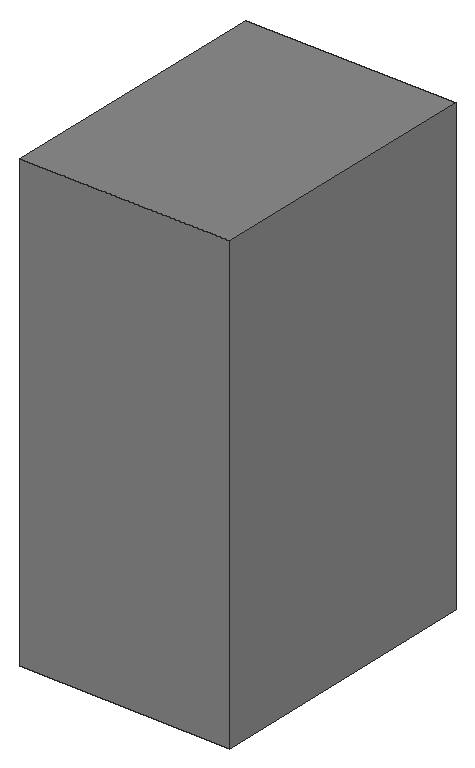
Revit family "M_Forno", category Equipamento mecânico, Revit 2019
Family settings
  Cota do conector redondo = Utilizar diâmetro
  Tipo de parte = Normal
  Número OmniClass = 23.75.10.11.17.11
  Título OmniClass = Furnaces
  ID de item do Seek = Furnace-0000-CAN-ENU
  Com base no plano de trabalho = Não
  Sempre na vertical = Sim
  Corte com vazios quando carregada = Não
  Compartilhado = Não
  Ponto de cálculo do ambiente = Não
Parameters (values of type "540 x 725 x 1170mm")
  Linear = 725.00 mm
  Material da fornalha = Aço, acabamento de pintura, cinza escuro, fosco
  Altura = 1170.00 mm
  Largura = 540.00 mm
Reference planes
  plane 1 "Centro (Frente/Trás)": y = 0
  plane 2: z = 0
  plane 3 "Centro (Esquerda/Direita)": x = 0
  plane 4: x = -270
  plane 5: y = 362.5
  plane 6: x = 270
  plane 7: y = -362.5
  plane 8: z = 1170
  plane 9: through (0.144, 0, 0) normal (1, 0, 0.0001)
  plane 10: z = 959.711
  plane 11: z = 694.353
  plane 12: z = 846.753
  plane 13: x = -215.942
  plane 14: x = 12.783
  plane 15: x = -12.617
  plane 16: z = 554.653
  plane 17: z = 681.653
  plane 18: z = 1099.411
  plane 19: x = -241.342
  plane 20: x = 241.508
  plane 21: x = 216.108
  plane 22: z = 972.411
  plane 23: z = 834.053
  plane 24: z = 707.053
  plane 25: z = 541.953
  plane 26: z = 1112.111
  plane 27: z = 516.298
Forms (mm)
  Extrusion 1, solid, material "Aço, acabamento de pintura, cinza escuro, fosco" <- "Material da fornalha"
    sketch origin (0, 0, 0) x (1, 0, 0) y (0, 1, 0)
      loop
        line (-270, -362.5) -> (270, -362.5) -> (270, 362.5) -> (-270, 362.5) -> (-270, -362.5)
    from 0 to 1170
Lines and regions (mm)
  symbolic lines
    curve 1: line (-270, -362.5, 0) -> (270, -362.5, 0)
    curve 2: line (-270, 362.5, 0) -> (-270, -362.5, 0)
    curve 3: line (270, 362.5, 0) -> (-270, 362.5, 0)
    curve 4: line (270, -362.5, 0) -> (270, 362.5, 0)
  model lines
    curve 5: line (-241.342, -362.5, 32.098) -> (241.508, -362.5, 32.098)
    curve 6: line (-241.342, -362.5, 516.298) -> (-241.342, -362.5, 32.098)
    curve 7: line (241.508, -362.5, 516.298) -> (-241.342, -362.5, 516.298)
    curve 8: line (241.508, -362.5, 32.098) -> (241.508, -362.5, 516.298)
    curve 9: line (-241.342, -362.5, 541.953) -> (241.508, -362.5, 541.953)
    curve 10: line (-241.342, -362.5, 1112.111) -> (-241.342, -362.5, 541.953)
    curve 11: line (241.508, -362.5, 1112.111) -> (-241.342, -362.5, 1112.111)
    curve 12: line (241.508, -362.5, 541.953) -> (241.508, -362.5, 1112.111)
    curve 13: line (-215.942, -362.5, 554.653) -> (-12.617, -362.5, 554.653)
    curve 14: line (-215.942, -362.5, 681.653) -> (-215.942, -362.5, 554.653)
    curve 15: line (-12.617, -362.5, 681.653) -> (-215.942, -362.5, 681.653)
    curve 16: line (-12.617, -362.5, 554.653) -> (-12.617, -362.5, 681.653)
    curve 17: line (12.783, -362.5, 554.653) -> (216.108, -362.5, 554.653)
    curve 18: line (12.783, -362.5, 681.653) -> (12.783, -362.5, 554.653)
    curve 19: line (216.108, -362.5, 681.653) -> (12.783, -362.5, 681.653)
    curve 20: line (216.108, -362.5, 554.653) -> (216.108, -362.5, 681.653)
    curve 21: line (-215.942, -362.5, 707.053) -> (-12.617, -362.5, 707.053)
    curve 22: line (-215.942, -362.5, 834.053) -> (-215.942, -362.5, 707.053)
    curve 23: line (-12.617, -362.5, 834.053) -> (-215.942, -362.5, 834.053)
    curve 24: line (-12.617, -362.5, 707.053) -> (-12.617, -362.5, 834.053)
    curve 25: line (12.783, -362.5, 707.053) -> (216.108, -362.5, 707.053)
    curve 26: line (12.783, -362.5, 834.053) -> (12.783, -362.5, 707.053)
    curve 27: line (216.108, -362.5, 834.053) -> (12.783, -362.5, 834.053)
    curve 28: line (216.108, -362.5, 707.053) -> (216.108, -362.5, 834.053)
    curve 29: line (-215.942, -362.5, 1099.411) -> (-215.942, -362.5, 616.811)
    curve 30: line (-12.617, -362.5, 1099.411) -> (-215.942, -362.5, 1099.411)
    curve 31: line (-12.617, -362.5, 972.411) -> (-12.617, -362.5, 1099.411)
    curve 32: line (12.783, -362.5, 1099.411) -> (12.783, -362.5, 972.411)
    curve 33: line (216.108, -362.5, 1099.411) -> (12.783, -362.5, 1099.411)
    curve 34: line (216.108, -362.5, 627.224) -> (216.108, -362.5, 1099.411)
    curve 35: line (-215.942, -362.5, 1081.268) -> (-12.617, -362.5, 1081.268)
    curve 36: line (-215.942, -362.5, 1063.125) -> (-12.617, -362.5, 1063.125)
    curve 37: line (-215.942, -362.5, 1044.982) -> (-12.617, -362.5, 1044.982)
    curve 38: line (-215.942, -362.5, 1026.839) -> (-12.617, -362.5, 1026.839)
    curve 39: line (-215.942, -362.5, 1008.696) -> (-12.617, -362.5, 1008.696)
    curve 40: line (-215.942, -362.5, 990.553) -> (-12.617, -362.5, 990.553)
    curve 41: line (-215.942, -362.5, 815.91) -> (-12.617, -362.5, 815.91)
    curve 42: line (-215.942, -362.5, 797.767) -> (-12.617, -362.5, 797.767)
    curve 43: line (-215.942, -362.5, 779.624) -> (-12.617, -362.5, 779.624)
    curve 44: line (-215.942, -362.5, 761.481) -> (-12.617, -362.5, 761.481)
    curve 45: line (-215.942, -362.5, 743.338) -> (-12.617, -362.5, 743.338)
    curve 46: line (-215.942, -362.5, 725.196) -> (-12.617, -362.5, 725.196)
    curve 47: line (-215.942, -362.5, 663.51) -> (-12.617, -362.5, 663.51)
    curve 48: line (-215.942, -362.5, 645.367) -> (-12.617, -362.5, 645.367)
    curve 49: line (-215.942, -362.5, 627.224) -> (-12.617, -362.5, 627.224)
    curve 50: line (-215.942, -362.5, 609.081) -> (-12.617, -362.5, 609.081)
    curve 51: line (-215.942, -362.5, 590.938) -> (-12.617, -362.5, 590.938)
    curve 52: line (-215.942, -362.5, 572.796) -> (-12.617, -362.5, 572.796)
    curve 53: line (-215.942, -362.5, 846.753) -> (216.108, -362.5, 846.753)
    curve 54: line (-215.942, -362.5, 959.711) -> (-215.942, -362.5, 846.753)
    curve 55: line (216.108, -362.5, 959.711) -> (-215.942, -362.5, 959.711)
    curve 56: line (216.108, -362.5, 846.753) -> (216.108, -362.5, 959.711)
    curve 57: line (-215.942, -362.5, 972.411) -> (-12.617, -362.5, 972.411)
    curve 58: line (12.783, -362.5, 972.411) -> (216.108, -362.5, 972.411)
    curve 59: line (216.108, -362.5, 1081.268) -> (12.783, -362.5, 1081.268)
    curve 60: line (12.783, -362.5, 1063.125) -> (216.108, -362.5, 1063.125)
    curve 61: line (12.783, -362.5, 1044.982) -> (216.108, -362.5, 1044.982)
    curve 62: line (12.783, -362.5, 1026.839) -> (216.108, -362.5, 1026.839)
    curve 63: line (12.783, -362.5, 990.553) -> (216.108, -362.5, 990.553)
    curve 64: line (12.783, -362.5, 1008.696) -> (216.108, -362.5, 1008.696)
    curve 65: line (12.783, -362.5, 815.91) -> (216.108, -362.5, 815.91)
    curve 66: line (12.783, -362.5, 797.767) -> (216.108, -362.5, 797.767)
    curve 67: line (12.783, -362.5, 779.624) -> (216.108, -362.5, 779.624)
    curve 68: line (12.783, -362.5, 761.481) -> (216.108, -362.5, 761.481)
    curve 69: line (12.783, -362.5, 743.338) -> (216.108, -362.5, 743.338)
    curve 70: line (12.783, -362.5, 725.196) -> (216.108, -362.5, 725.196)
    curve 71: line (12.783, -362.5, 663.51) -> (216.108, -362.5, 663.51)
    curve 72: line (12.783, -362.5, 645.367) -> (216.108, -362.5, 645.367)
    curve 73: line (12.783, -362.5, 627.224) -> (216.108, -362.5, 627.224)
    curve 74: line (12.783, -362.5, 590.938) -> (216.108, -362.5, 590.938)
    curve 75: line (12.783, -362.5, 572.796) -> (216.108, -362.5, 572.796)
    curve 76: line (12.783, -362.5, 609.081) -> (216.108, -362.5, 609.081)
Dimensions and locks
  equal spacing: plane 4, plane 3 "Centro (Esquerda/Direita)", plane 6
  equal spacing: plane 7, plane 1 "Centro (Frente/Trás)", plane 5
  "Linear": plane 7 to plane 5
  "Altura": plane 8 to plane 2
  curve 5 to plane 2 = 32.098 mm
  "Largura": plane 4 to plane 6
  plane 14 to plane 15 = 25.40 mm
  locked: plane 19 to plane 4 at 28.658
  locked: plane 13 to plane 19 at 25.4
  locked: plane 20 to plane 21 at 25.4
  locked: plane 6 to plane 20 at 28.492
  plane 18 to plane 22 = 127.00 mm
  plane 10 to plane 12 = 112.958 mm
  plane 23 to plane 24 = 127.00 mm
  plane 17 to plane 16 = 127.00 mm
  plane 22 to plane 10 = 12.70 mm
  plane 26 to plane 18 = 12.70 mm
  plane 12 to plane 23 = 12.70 mm
  plane 16 to plane 25 = 12.70 mm
  plane 24 to plane 11 to plane 17 = 12.70 mm, 12.70 mm
  plane 8 to plane 26 = 57.889 mm
  plane 25 to plane 27 = 25.655 mm
  equal spacing: plane 18, curve 35, curve 36, curve 37, curve 38, curve 39, curve 40, plane 22
  equal spacing: plane 23, curve 41, curve 42, curve 43, curve 44, curve 45, curve 46, plane 24
  equal spacing: plane 17, curve 47, curve 48, curve 49, curve 50, curve 51, curve 52, plane 16
  aligned and locked: plane 7 to curve 1
  aligned and locked: plane 5 to curve 4
  aligned and locked: Extrusion 1 sketch curve to curve 1
  aligned and locked: Extrusion 1 sketch curve to curve 3
  aligned and locked: Extrusion 1 sketch curve to plane 4
  aligned and locked: plane 6 to Extrusion 1 sketch curve
  aligned and locked: plane 21 to curve 56
  aligned and locked: curve 34 to curve 53
  aligned and locked: curve 20 to curve 25
  aligned and locked: Extrusion 1 to plane 8
  aligned and locked: curve 27 to plane 23
  aligned and locked: curve 26 to curve 23
  aligned and locked: plane 22 to curve 57
  aligned and locked: plane 22 to curve 58
  aligned and locked: curve 59 to curve 35
  aligned and locked: curve 36 to curve 60
  aligned and locked: curve 37 to curve 61
  aligned and locked: curve 38 to curve 62
  aligned and locked: curve 40 to curve 63
  aligned and locked: curve 39 to curve 64
  aligned and locked: curve 41 to curve 65
  aligned and locked: curve 42 to curve 66
  aligned and locked: curve 43 to curve 67
  aligned and locked: curve 44 to curve 68
  aligned and locked: curve 45 to curve 69
  aligned and locked: curve 46 to curve 70
  aligned and locked: curve 47 to curve 71
  aligned and locked: curve 48 to curve 72
  aligned and locked: curve 49 to curve 73
  aligned and locked: curve 51 to curve 74
  aligned and locked: curve 52 to curve 75
  aligned and locked: curve 50 to curve 76
Automatic sketch dimensions
  curve 3 to plane 4 = 0.00 mm
  curve 3 to plane 6 = 0.00 mm
  curve 12 to plane 20 = 0.00 mm
  curve 12 to plane 26 = 0.00 mm
  curve 33 to plane 14 = 0.00 mm
  curve 33 to plane 18 = 0.00 mm
  curve 31 to plane 15 = 0.00 mm
  curve 31 to plane 18 = 0.00 mm
  curve 54 to plane 10 = 0.00 mm
  curve 53 to plane 12 = 0.00 mm
  curve 21 to plane 13 = 0.00 mm
  curve 21 to plane 24 = 0.00 mm
  curve 26 to plane 14 = 0.00 mm
  curve 26 to plane 24 = 0.00 mm
  curve 19 to plane 14 = 0.00 mm
  curve 19 to plane 17 = 0.00 mm
  curve 15 to plane 13 = 0.00 mm
  curve 15 to plane 17 = 0.00 mm
  curve 29 to plane 13 = 0.00 mm
  curve 76 to plane 21 = 0.00 mm
  curve 13 to plane 15 = 0.00 mm
  curve 13 to plane 16 = 0.00 mm
  curve 17 to plane 16 = 0.00 mm
  curve 10 to plane 19 = 0.00 mm
  curve 10 to plane 25 = 0.00 mm
  curve 7 to plane 20 = 0.00 mm
  curve 7 to plane 27 = 0.00 mm
  curve 7 to plane 19 = 0.00 mm
  curve 55 to plane 13 = 0.00 mm
  curve 24 to plane 15 = 0.00 mm
  curve 29 to curve 50 = 7.729 mm
